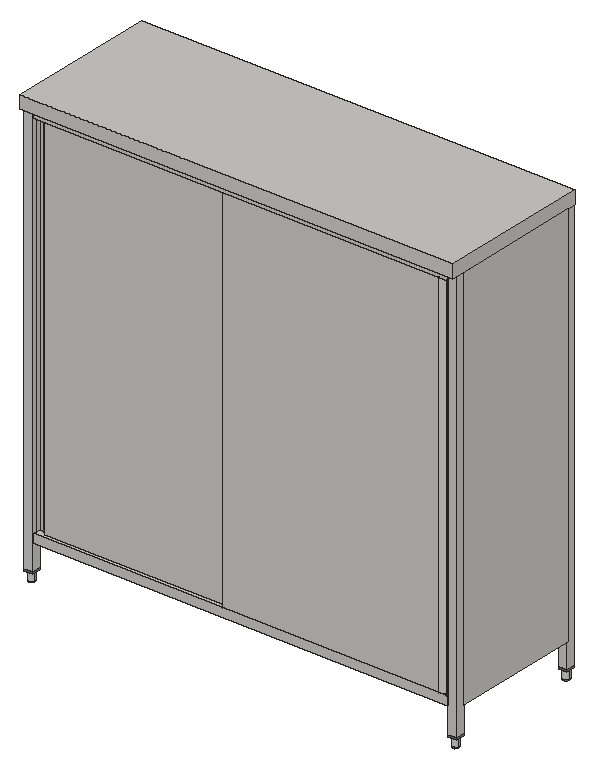
Revit family "QF_ELECTROLUXPROFESSIONAL_134060_GGAS2000E", category Attrezzature speciali, Revit 2020
Family settings
  Quota connettore circolare = Usa diametro
  Tipo di parte = Normale
  Basato su piano di lavoro = No
  Sempre verticale = Sì
  Taglio con vuoti quando caricato = No
  Condiviso = No
  Punto di calcolo locali = No
Parameters (values of type "Standard")
  Weight = 148.00 kg
  Watts = 0 W
  Volts = 0 V
  URL Manufacturer = "https://www.electroluxprofessional.com/"
  URL = "https://www.electroluxprofessional.com/"
  Steam Supply Size = 0 mm
  Steam Supply Minimum Pressure = 0.0 Pa
  Steam Supply Maximum Pressure = 0.0 Pa
  Steam Consumption per Hour = 0
  Refrigeration Suction Line Size = 0.0 mm
  Refrigeration Liquid Line Size = 0.0 mm
  Refrigerant Compressor Remote = yes
  Prospetto di default = 0.0 mm
  Phase = 0
  Modello = "GGAS2000E"
  Produttore = "Electrolux Professional"
  Length Actual = 2000.0 mm  # constant formula
  Item Number = "134060"
  Hot Water Size = 0 mm
  Height Actual = 2000.0 mm  # constant formula
  HP = "0 HP"
  Gas Size = 0 mm
  Gas KW = 0
  Gas Input Pressure = 0 W
  Direct Waste Size = 0 mm
  Descrizione = "STORAGE CABINET W/SLIDING DOORS 2000 MM"
  Depth Actual = 700.0 mm  # constant formula
  Cycle = 0 Hz
  Condensate Return Size = 0 mm
  Compressed Air Volume = 0.0 L/s
  Compressed Air Size = 0 mm
  Compressed Air Pressure = 0.0 Pa
  Cold Water Size = 0 mm
  Accessory = yes
Reference planes
  plane 1 "Center (Front/Back)": y = 0
  plane 2: z = 0
  plane 3 "Center (Left/Right)": x = -500
  plane 4 "LEFT": x = -1500
  plane 5 "RIGHT": x = 500
  plane 6 "BACK": y = 350
  plane 7 "FRONT": y = -350
  plane 8 "Base": z = 2020
  plane 9 "TOP": z = 1960
  plane 10: x = -1479
  plane 11: x = 479
  plane 12: y = 310
  plane 13: y = -310
  plane 14 "BodyLeft": x = -1500
  plane 15 "BodyFront": y = -330
  plane 16 "BodyRight": x = 500
  plane 17 "BodyBack": y = 330
  plane 18 "FEET": z = 170
  plane 19: x = -420
  plane 20: x = -580
Forms (mm)
  Extrusion 1, solid, material "QF_Finishes_Stainless Steel"
    sketch origin (-500, 0, 0) x (0, 1, 0) y (0, 0, 1)
      loop
        line (-350, 2020) -> (-350, 1960) -> (350, 1960) -> (350, 2020) -> (-350, 2020)
    from 1000 to -1000
  Extrusion 2, solid, material "QF_Finishes_Stainless Steel"
    sketch origin (1, 0, 170) x (-1, 0, 0) y (0, -1, 0)
      loop
        line (1500, -310) -> (1500, 290) -> (1460, 290) -> (1460, -310) -> (1500, -310)
      loop
        line (-460, -310) -> (-460, 290) -> (-500, 290) -> (-500, -310) -> (-460, -310)
    from 0 to 1790
  Extrusion 3, solid, material "QF_Finishes_Stainless Steel"
    sketch origin (0, 0, 170) x (-1, 0, 0) y (0, -1, 0)
      loop
        line (1459, -310) -> (1459, 330) -> (-461, 330) -> (-461, -310) -> (1459, -310)
    from 0 to 40
  Extrusion 4, solid, material "QF_Finishes_Stainless Steel"
    sketch origin (0, 0, 170) x (-1, 0, 0) y (0, -1, 0)
      loop
        line (-459, 330) -> (-459, 310) -> (580, 310) -> (580, 330) -> (-419, 330) -> (-439, 315) -> (-454, 315) -> (-454, 330) -> (-459, 330)
    from 40 to 1760
  Extrusion 5, solid, material "QF_Finishes_Stainless Steel"
    sketch origin (0, 20, 170) x (1, 0, 0) y (0, 1, 0)
      loop
        line (-1459, -330) -> (-1454, -330) -> (-1454, -315) -> (-1439, -315) -> (-1419, -330) -> (-420, -330) -> (-420, -310) -> (-1459, -310) -> (-1459, -330)
    from 40 to 1760
  Extrusion 6, solid, material "QF_Finishes_Stainless Steel"
    sketch origin (0, 0, 170) x (-1, 0, 0) y (0, -1, 0)
      loop
        line (1459, 290) -> (-459, 290) -> (-459, -310) -> (1459, -310) -> (1459, 290)
    from 350 to 390
  Extrusion 7, solid, material "QF_Finishes_Stainless Steel"
    sketch origin (0, 0, 170) x (-1, 0, 0) y (0, -1, 0)
      loop
        line (1459, -310) -> (1459, 330) -> (-459, 330) -> (-459, -310) -> (1459, -310)
    from 1760 to 1790
  Extrusion 8, solid, material "QF_Finishes_Stainless Steel"
    sketch origin (0, 0, 170) x (-1, 0, 0) y (0, -1, 0)
      loop
        line (1459, -350) -> (1459, -310) -> (-459, -310) -> (-459, -350) -> (1459, -350)
    from 1790 to 0
Lines and regions (mm)
  symbolic lines
    curve 1: line (500, 350, 1960) -> (-1500, 350, 1960)
    curve 2: line (-1500, 350, 1960) -> (-1500, -350, 1960)
    curve 3: line (-1500, -350, 1960) -> (500, -350, 1960)
    curve 4: line (500, -350, 1960) -> (500, 350, 1960)
  symbolic lines, style "SpecialityEquipmentHiddenLines"
    curve 5: line (-1500, -330, 170) -> (-1500, 330, 170)
    curve 6: line (500, -330, 170) -> (-1500, -330, 170)
    curve 7: line (500, 330, 170) -> (500, -330, 170)
    curve 8: line (-1459, -290, 170) -> (-420, -290, 170)
    curve 9: line (-420, -290, 170) -> (-420, -310, 170)
    curve 10: line (-1459, -310, 170) -> (459, -310, 170)
    curve 11: line (459, -310, 170) -> (459, -330, 170)
    curve 12: line (-580, -310, 170) -> (-580, -330, 170)
    curve 13: line (-1459, -290, 170) -> (-1459, -310, 170)
Dimensions and locks
  plane 4 "LEFT" to plane 5 "RIGHT" = 2000.0 mm
  equal spacing: plane 4 "LEFT", plane 3 "Center (Left/Right)", plane 5 "RIGHT"
  plane 6 "BACK" to plane 7 "FRONT" = 700.0 mm
  equal spacing: plane 6 "BACK", plane 1 "Center (Front/Back)", plane 7 "FRONT"
  locked: plane 4 "LEFT" to plane 14 "BodyLeft"
  locked: plane 16 "BodyRight" to plane 5 "RIGHT"
  locked: plane 15 "BodyFront" to plane 7 "FRONT" at 20
  locked: plane 6 "BACK" to plane 17 "BodyBack" at 20
  locked: plane 14 "BodyLeft" to plane 10 at 21
  locked: plane 11 to plane 16 "BodyRight" at 21
  locked: plane 13 to plane 15 "BodyFront" at 20
  locked: plane 17 "BodyBack" to plane 12 at 20
  plane 10 to plane 11 = 1958.0 mm
  plane 12 to plane 13 = 620.0 mm
  plane 14 "BodyLeft" to Extrusion 2 sketch curve = 41.0 mm
  Extrusion 2 sketch curve to Extrusion 2 sketch curve = 40.0 mm
  locked: plane 3 "Center (Left/Right)" to plane 19 at 80
  locked: plane 20 to plane 3 "Center (Left/Right)" at 80
  locked: plane 18 "FEET" to plane 2 at 170
  locked: plane 9 "TOP" to level at 1960
  plane 8 "Base" to level = 2020.0 mm
  Extrusion 2 to Extrusion 3 to Extrusion 7 = 40.0 mm, 1720.0 mm
  plane 8 "Base" to plane 9 "TOP" = 60.0 mm
  aligned and locked: level to plane 2
  aligned and locked: nested 1 to plane 13
  aligned and locked: nested 2 to plane 13
  aligned and locked: Extrusion 1 to plane 4 "LEFT"
  aligned and locked: plane 5 "RIGHT" to Extrusion 1
  aligned and locked: curve 2 to plane 4 "LEFT"
  aligned and locked: Extrusion 4 to Extrusion 3
  aligned and locked: Extrusion 5 sketch curve to plane 19
  aligned and locked: Extrusion 4 sketch curve to plane 20
  aligned and locked: Extrusion 1 to plane 8 "Base"
  aligned and locked: plane 9 "TOP" to Extrusion 1
  aligned and locked: plane 14 "BodyLeft" to curve 5
  aligned and locked: plane 15 "BodyFront" to curve 6
  aligned and locked: plane 16 "BodyRight" to curve 7
  aligned and locked: Extrusion 3 sketch curve to Extrusion 2  (x2)
  aligned and locked: curve 6 to Extrusion 3 sketch curve
  aligned and locked: Extrusion 2 to Extrusion 8
  aligned and locked: nested 4 to plane 17 "BodyBack"
  aligned and locked: plane 11 to nested 2
  aligned and locked: plane 11 to nested 3
  aligned and locked: plane 10 to nested 1
  aligned and locked: nested 4 to nested 1
Automatic sketch dimensions
  curve 3 to plane 5 "RIGHT" = 0.0 mm
  curve 3 to plane 7 "FRONT" = 0.0 mm
  curve 2 to plane 6 "BACK" = 0.0 mm
  Extrusion 1 sketch curve to plane 7 "FRONT" = 0.0 mm
  Extrusion 1 sketch curve to plane 6 "BACK" = 0.0 mm
  Extrusion 1 sketch curve to plane 8 "Base" = 0.0 mm
  Extrusion 1 sketch curve to plane 9 "TOP" = 0.0 mm
  Extrusion 2 sketch curve to plane 12 = 0.0 mm  (x2)
  plane 13 to Extrusion 2 sketch curve = 20.0 mm  (x2)
  Extrusion 3 sketch curve to plane 17 "BodyBack" = 20.0 mm
  Extrusion 4 sketch curve to plane 15 "BodyFront" = 0.0 mm  (x2)
  Extrusion 4 sketch curve to plane 13 = 0.0 mm
  Extrusion 4 sketch curve to plane 11 = 60.0 mm
  Extrusion 4 sketch curve to plane 13 = 5.0 mm
  Extrusion 4 sketch curve to Extrusion 4 sketch curve = 20.0 mm
  Extrusion 4 sketch curve to Extrusion 4 sketch curve = 15.0 mm
  Extrusion 4 sketch curve to Extrusion 4 sketch curve = 5.0 mm
  Extrusion 5 sketch curve to plane 13 = 0.0 mm  (x2)
  Extrusion 5 sketch curve to plane 10 = 60.0 mm
  Extrusion 5 sketch curve to plane 13 = 15.0 mm
  Extrusion 5 sketch curve to Extrusion 5 sketch curve = 20.0 mm  (x2)
  Extrusion 5 sketch curve to Extrusion 5 sketch curve = 15.0 mm
  Extrusion 5 sketch curve to Extrusion 5 sketch curve = 5.0 mm
  curve 10 to plane 13 = 0.0 mm
  curve 9 to plane 19 = 0.0 mm
  curve 12 to plane 20 = 0.0 mm
  curve 10 to plane 11 = 20.0 mm
  plane 10 to curve 13 = 20.0 mm
  plane 13 to curve 8 = 20.0 mm
  Extrusion 6 sketch curve to plane 11 = 20.0 mm
  plane 10 to Extrusion 6 sketch curve = 20.0 mm
  plane 12 to Extrusion 6 sketch curve = 0.0 mm
  plane 13 to Extrusion 6 sketch curve = 20.0 mm
  Extrusion 7 sketch curve to plane 17 "BodyBack" = 20.0 mm
  Extrusion 7 sketch curve to plane 15 "BodyFront" = 0.0 mm
  Extrusion 7 sketch curve to plane 11 = 20.0 mm
  plane 10 to Extrusion 7 sketch curve = 20.0 mm
  curve 5 to plane 17 "BodyBack" = 0.0 mm
  curve 7 to plane 17 "BodyBack" = 0.0 mm
  Extrusion 8 sketch curve to plane 6 "BACK" = 0.0 mm
  Extrusion 8 sketch curve to plane 12 = 0.0 mm
  Extrusion 8 sketch curve to plane 11 = 20.0 mm
  plane 10 to Extrusion 8 sketch curve = 20.0 mm
  Extrusion 2 sketch curve to plane 11 = 18.0 mm
  plane 4 "LEFT" to Extrusion 2 sketch curve = 1.0 mm
Nested families
  nested 1: "FEET_40x40_APP50_H1960" at (-1479, -310, 0), type "FEET_40x40_APP50_H1960"
  nested 2: "FEET_40x40_APP50_H1960" at (479, -310, 0), type "FEET_40x40_APP50_H1960"
  nested 3: "FEET_40x40_APP50_H1960" at (479, 330, 0), type "FEET_40x40_APP50_H1960"
  nested 4: "FEET_40x40_APP50_H1960" at (-1479, 330, 0), type "FEET_40x40_APP50_H1960"
Definition of nested family "FEET_40x40_APP50_H1960"
  Parameters
    Default Elevation = 0.0 mm
    FEET = 1960.0 mm
  Reference planes
    plane 1 "Center (Front/Back)": y = 0
    plane 2: z = 0
    plane 3 "Center (Left/Right)": x = 0
    plane 4: z = 1960
  Forms (mm)
    Extrusion 1, solid
      sketch origin (0, 0, 0) x (1, 0, 0) y (0, 1, 0)
        loop
          line (-20, -20) -> (20, -20) -> (20, 20) -> (-20, 20) -> (-20, -20)
      from 50 to 1960
    Extrusion 2, solid
      sketch origin (0, 0, 0) x (1, 0, 0) y (0, 1, 0)
        loop
          circle (0, 0) r 15
      from 0 to 5
    Extrusion 3, solid
      sketch origin (0, 0, 0) x (1, 0, 0) y (0, 1, 0)
        loop
          line (-20, -20) -> (20, -20) -> (20, 20) -> (-20, 20) -> (-20, -20)
      from 50 to 42
    Extrusion 4, solid
      sketch origin (0, 0, 0) x (1, 0, 0) y (0, 1, 0)
        loop
          circle (0, 0) r 15
      from 5 to 42
  Lines and regions (mm)
    symbolic lines
      curve 1: line (0, -1.503, 0) -> (0, 1.508, 0)
      curve 2: line (1.561, 0, 0) -> (-1.439, 0, 0)
  Dimensions and locks
    "FEET": plane 4 to plane 2
    aligned and locked: level to plane 2
    aligned and locked: plane 4 to Extrusion 1
  Automatic sketch dimensions
    plane 1 "Center (Front/Back)" to curve 2 = 0.0 mm
    curve 1 to plane 3 "Center (Left/Right)" = 0.0 mm
    curve 2 to plane 3 "Center (Left/Right)" = 1.439 mm
    plane 3 "Center (Left/Right)" to curve 2 = 1.561 mm
    plane 1 "Center (Front/Back)" to curve 1 = 1.503 mm
    curve 1 to plane 1 "Center (Front/Back)" = 1.508 mm
    Extrusion 1 sketch curve to plane 3 "Center (Left/Right)" = 20.0 mm
    plane 3 "Center (Left/Right)" to Extrusion 1 sketch curve = 20.0 mm
    plane 1 "Center (Front/Back)" to Extrusion 1 sketch curve = 20.0 mm
    Extrusion 1 sketch curve to plane 1 "Center (Front/Back)" = 20.0 mm
    plane 1 "Center (Front/Back)" to Extrusion 2 sketch curve = 0.0 mm
    Extrusion 2 sketch curve to plane 3 "Center (Left/Right)" = 0.0 mm
    Extrusion 3 sketch curve to plane 3 "Center (Left/Right)" = 20.0 mm
    plane 3 "Center (Left/Right)" to Extrusion 3 sketch curve = 20.0 mm
    plane 1 "Center (Front/Back)" to Extrusion 3 sketch curve = 20.0 mm
    Extrusion 3 sketch curve to plane 1 "Center (Front/Back)" = 20.0 mm
    plane 1 "Center (Front/Back)" to Extrusion 4 sketch curve = 0.0 mm
    Extrusion 4 sketch curve to plane 3 "Center (Left/Right)" = 0.0 mm
    radius of Extrusion 2 sketch curve = 15.0 mm
    radius of Extrusion 4 sketch curve = 15.0 mm
